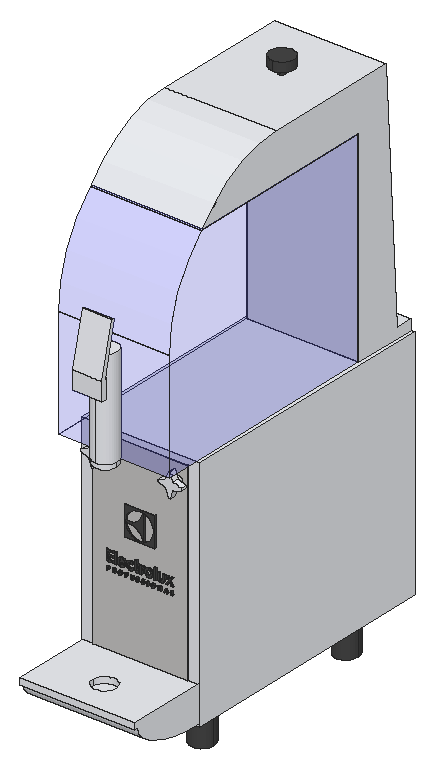
Revit family "QF_ELECTROLUXPROFESSIONAL_562535_IPRO1EUVR290", category Attrezzature speciali, Revit 2020
Family settings
  Quota connettore circolare = Usa diametro
  Tipo di parte = Normale
  Basato su piano di lavoro = No
  Sempre verticale = Sì
  Taglio con vuoti quando caricato = No
  Condiviso = No
  Punto di calcolo locali = No
Parameters (values of type "Standard")
  Weight = 39.00 kg
  Watts = 460 W
  Volts = 220 V
  URL Manufacturer = "https://www.electroluxprofessional.com/"
  URL = "https://www.electroluxprofessional.com/"
  Steam Supply Size = 0 mm
  Steam Supply Minimum Pressure = 0.0 Pa
  Steam Supply Maximum Pressure = 0.0 Pa
  Steam Consumption per Hour = 0
  Show Logo [instance] = yes
  Show Clearance [instance] = yes
  Refrigeration Suction Line Size = 0 mm
  Refrigeration Liquid Line Size = 0 mm
  Refrigerant Compressor Remote = yes
  Prospetto di default = 0 mm
  Produttore = "Electrolux Professional"
  Phase = 1
  Modello = "IPRO1EUVR290"
  Length Actual = 200 mm  # constant formula
  Item Number = "562535"
  Hot Water Size = 0 mm
  Height Actual = 870 mm  # constant formula
  HP = "0.6 HP"
  Gas Size = 0 mm
  Gas KW = 0
  Gas Input Pressure = 0 W
  Direct Waste Size = 0 mm
  Descrizione = "1X11 LT BOWL - FROZEN GRANITA DISPENSER - ELECTRONIC CONTROL - 1 INSULATED BOWL - UV LIGHT, R290"
  Depth Actual = 580 mm  # constant formula
  Cycle = 50 Hz
  Condensate Return Size = 0 mm
  Compressed Air Volume = 0.0 L/s
  Compressed Air Size = 0 mm
  Compressed Air Pressure = 0.0 Pa
  Cold Water Size = 0 mm
  Accessory = yes
Reference planes
  plane 1: z = 0
  plane 2 "LEFT": x = -300
  plane 3 "BACK": y = 282.5
  plane 4: z = 876
  plane 5: z = 449
  plane 6: z = 113
  plane 7: z = 903
  plane 8: x = -100.125
  plane 9: y = -305.294
Forms (mm)
  Extrusion 1, solid, material "QF_Finishes_White"
    sketch origin (0, 0, 0) x (1, 0, 0) y (0, 1, 0)
      loop
        line (-300, 282.5) -> (-300, -171.294) -> (-100.125, -171.294) -> (-100.125, 282.5) -> (-300, 282.5)
    from 50 to 449
  Extrusion 2, solid, material "QF_Finishes_Stainless Steel"
    sketch origin (15.789, -8.294, 3) x (1, 0, 0) y (0, 1, 0)
      loop
        line (-135.914, -163) -> (-295.914, -163) -> (-295.914, -163.8) -> (-135.914, -163.8) -> (-135.914, -163)
    from 110 to 436
  Extrusion 3, solid, material "QF_Finishes_Stainless Steel"
    sketch origin (-546.596, -222.273, 48) x (0, -1, 0) y (1, 0, 0)
      loop
        line (-163.023, 407.596) -> (-163.023, 427.596) -> (-183.023, 427.596) -> (-183.023, 407.596) -> (-163.023, 407.596)
    from 0 to 2
Dimensions and locks
  plane 4 to level = 876 mm
  level to plane 7 = 903 mm
  plane 6 to level = 113 mm
  plane 5 to plane 6 = 336 mm
  plane 3 "BACK" to nested 12 = 569.125 mm
  Extrusion 1 to nested 5 = 587.794 mm
  plane 2 "LEFT" to plane 8 = 199.875 mm
  plane 9 to plane 3 "BACK" = 587.794 mm
  aligned and locked: level to plane 1
Nested families
  nested 1: "MANOPOLA BEVERAGE" at (-265, -172.094, 413) x (0, 0, 1) z (0, -1, 0), type "MANOPOLA BEVERAGE"
  nested 2: "MANOPOLA BEVERAGE" at (-135.125, -172.094, 413) x (0, 0, 1) z (0, -1, 0), type "MANOPOLA BEVERAGE"
  nested 3: "MANOPOLA APERTURA BEVERAGE " at (-198.5, 124.79, 876) x (0, 1, 0) z (0, 0, 1), type "MANOPOLA APERTURA BEVERAGE "
  nested 4: "PORTAGRANITE BEVERAGE-taller" at (-200, 28.972, 449), type "PORTAGRANITE BEVERAGE-taller"
  nested 5: "VASCHETTA BEVERAGE" at (-200.063, -171.294, 83) x (1, 0, 0) z (0, -1, 0), type "VASCHETTA BEVERAGE"
  nested 6: "ELXP_LOGO_ONLY_MEDIUM" at (-200.125, -172.094, 319) x (1, 0, 0) z (0, -1, 0), Show Logo <- "Show Logo", visible <- "Show Logo", type "ELXP_LOGO_ONLY_MEDIUM"
    with Show Logo yes
  nested 7: "ELX_LOGO_WORDS_MEDIUM" at (-200, -172.094, 249.611) x (1, 0, 0) z (0, -1, 0), visible <- "Show Logo", Show Logo <- "Show Logo", type "ELX_LOGO_WORDS_MEDIUM"
    with Show Logo yes
  nested 8: "Piedino 50x40 BEVERAGE" at (-271, 174.5, 0), type "Piedino 50x40 BEVERAGE"
    with H 150 mm
  nested 9: "Piedino 50x40 BEVERAGE" at (-271, -130.5, 0), type "Piedino 50x40 BEVERAGE"
    with H 150 mm
  nested 10: "Piedino 50x40 BEVERAGE" at (-129, 174.5, 0), type "Piedino 50x40 BEVERAGE"
    with H 150 mm
  nested 11: "Piedino 50x40 BEVERAGE" at (-129, -130.5, 0), type "Piedino 50x40 BEVERAGE"
    with H 150 mm
  nested 12: "BOCCHETTONE BEVERAGE_large" at (-198.625, -228.664, 567) x (1, 0, 0) z (0, -1, 0), type "BOCCHETTONE BEVERAGE_large"
Connectors
  electrical at (-129, -49.25, 48), driven by "Volts"
    settings: on Extrusion 3, index 73, voltage 220 V, apparent load 0 VA, apparent load phase1 0 VA, apparent load phase2 0 VA, apparent load phase3 0 VA, power factor 1, load classification "Altro", number of poles 1, system type 30, power factor state 1, is connector primary yes, connector utility no, sub classification motor no, connector description "Electrical Connection"
Definition of nested family "MANOPOLA BEVERAGE"
  Parameters (values of type "MANOPOLA BEVERAGE")
    Default Elevation = 1219.2 mm
  Reference planes
    plane 1 "Centro (Fronte/Retro)": y = 0
    plane 2: z = 0
    plane 3 "Centro (Sinistra/Destra)": x = 0
    plane 4: z = 20
  Forms (mm)
    Extrusion 1, solid
      sketch origin (0, 0, 0) x (1, 0, 0) y (0, 1, 0)
        loop
          line (-1219.2, 1219.2) -> (-1219.2, -1219.2) -> (1219.2, -1219.2) -> (1219.2, 1219.2) -> (-1219.2, 1219.2)
      from 0 to -304.8
    Extrusion 2, solid
      sketch origin (0, 0, 10) x (1, 0, 0) y (0, 1, 0)
        loop
          line (-20, -1.333) -> (-6.314, -6.314) -> (-1.333, -20) -> (1.333, -20) -> (6.314, -6.314) -> (20, -1.333) -> (20, 1.333) -> (6.314, 6.314) -> (1.333, 20) -> (-1.333, 20) -> (-6.314, 6.314) -> (-20, 1.333) -> (-20, -1.333)
      from 0 to 10
    Extrusion 3, solid
      sketch origin (0, 0, 0) x (1, 0, 0) y (0, 1, 0)
        loop
          circle (0, 0) r 5
      from 0 to 10
  Dimensions and locks
    aligned and locked: plane 2 to Extrusion 1
    aligned and locked: level to Extrusion 1
Definition of nested family "MANOPOLA APERTURA BEVERAGE "
  Parameters (values of type "MANOPOLA APERTURA BEVERAGE ")
    Default Elevation = 1219.2 mm
  Reference planes
    plane 1 "Centro (Fronte/Retro)": y = 0
    plane 2: z = 0
    plane 3 "Centro (Sinistra/Destra)": x = 0
    plane 4: z = 27
  Forms (mm)
    Extrusion 1, solid
      sketch origin (0, 0, 0) x (1, 0, 0) y (0, 1, 0)
        loop
          line (-1219.2, 1219.2) -> (-1219.2, -1219.2) -> (1219.2, -1219.2) -> (1219.2, 1219.2) -> (-1219.2, 1219.2)
      from 0 to -304.8
    Extrusion 2, solid
      sketch origin (0, 0, 0) x (1, 0, 0) y (0, 1, 0)
        loop
          circle (0, 0) r 5
      from 0 to 12
    Extrusion 3, solid
      sketch origin (0, 0, 12) x (1, 0, 0) y (0, 1, 0)
        loop
          circle (0, 0) r 20
      from 0 to 15
  Dimensions and locks
    Extrusion 1 to plane 4 = 27 mm
    aligned and locked: plane 2 to Extrusion 1
    aligned and locked: level to Extrusion 1
Definition of nested family "PORTAGRANITE BEVERAGE-taller"
  Parameters (values of type "PORTAGRANITE BEVERAGE-taller")
    Default Elevation = 1219.2 mm
  Reference planes
    plane 1 "Centro (Fronte/Retro)": y = 0
    plane 2: z = 0
    plane 3 "Centro (Sinistra/Destra)": x = 0
    plane 4: y = -36.472
    plane 5: z = 340
    plane 6: x = -94
    plane 7: x = 94
    plane 8: y = 253.528
    plane 9: y = -257.636
  Forms (mm)
    Extrusion 1, solid
      sketch origin (0, 0, 0) x (1, 0, 0) y (0, 1, 0)
        loop
          line (-1219.2, 1219.2) -> (-1219.2, -1219.2) -> (1219.2, -1219.2) -> (1219.2, 1219.2) -> (-1219.2, 1219.2)
      from 0 to -304.8
    Extrusion 2, solid
      sketch origin (-94, -28.972, -376) x (0, 1, 0) y (0, 0, 1)
        loop
          line (172.5, 723) -> (172.5, 376) -> (282.5, 376) -> (282.5, 393) -> (251.241, 393) -> (229.754, 803) -> (-2.5, 803)
          arc (-2.5, 803) -> (-89.678, 781.819) -> (-157.419, 723) r 190
          line (-157.419, 723) -> (172.5, 723)
      from 0 to 188
    Extrusion 3, solid
      sketch origin (-101.5, -28.972, -378) x (0, 1, 0) y (0, 0, 1)
        loop
          line (170.5, 378) -> (170.5, 723) -> (-159.213, 723)
          arc (-159.213, 723) -> (-210.545, 650.651) -> (-228.664, 563.812) r 217.164
          line (-228.664, 563.812) -> (-228.664, 378) -> (170.5, 378)
      from 7.5 to 195.5
  Dimensions and locks
    plane 6 to plane 7 = 188 mm
    plane 9 to plane 8 = 511.164 mm
    aligned and locked: plane 2 to Extrusion 1
    aligned and locked: level to Extrusion 1
Definition of nested family "VASCHETTA BEVERAGE"
  Parameters (values of type "VASCHETTA BEVERAGE")
    Default Elevation = 1219.2 mm
  Reference planes
    plane 1 "Centro (Fronte/Retro)": y = 0
    plane 2: z = 0
    plane 3 "Centro (Sinistra/Destra)": x = 0
  Forms (mm)
    Extrusion 1, solid
      sketch origin (0, 0, 0) x (1, 0, 0) y (0, 1, 0)
        loop
          line (-1219.2, 1219.2) -> (-1219.2, -1219.2) -> (1219.2, -1219.2) -> (1219.2, 1219.2) -> (-1219.2, 1219.2)
      from 0 to -304.8
    Extrusion 2, solid
      sketch origin (-97.5, -80, -167.5) x (0, 0, -1) y (0, 1, 0)
        loop
          line (-167.5, 110) -> (-301.5, 110) -> (-301.5, 100) -> (-296.403, 100)
          spline (-296.403, 100) -> (-294.717, 93.399) -> (-290.961, 86.937) -> (-285.195, 80.722) -> (-277.513, 74.853) -> (-268.041, 69.426) -> (-256.932, 64.529) -> (-244.367, 60.243) -> (-230.551, 56.637) -> (-215.709, 53.769) -> (-200.082, 51.686) -> (-183.925, 50.423) -> (-167.5, 50)
          line (-167.5, 50) -> (-167.5, 110)
      from 0 to 195
    Extrusion 3, void
      sketch origin (202.5, -80, -167.5) x (1, 0, 0) y (0, 0, -1)
        loop
          circle (-202.5, -244.664) r 20
      from 100 to 110
  Cuts and joins
    Extrusion 3 cuts Extrusion 2
  Dimensions and locks
    aligned and locked: plane 2 to Extrusion 1
    aligned and locked: level to Extrusion 1
Definition of nested family "ELXP_LOGO_ONLY_MEDIUM"
  Parameters (values of type "ELXP_LOGO_ONLY_MEDIUM")
    Show Logo [instance] = yes
    Default Elevation = 0 mm
  Reference planes
    plane 1 "Centro (Fronte/Retro)": y = 0
    plane 2: z = 0
    plane 3 "Centro (Sinistra/Destra)": x = 0
  Forms (mm)
    Extrusion 1, solid
      sketch origin (0, 0, 0) x (1, 0, 0) y (0, 1, 0)
        loop
          line (-1219.2, 1219.2) -> (-1219.2, -1219.2) -> (1219.2, -1219.2) -> (1219.2, 1219.2) -> (-1219.2, 1219.2)
      from 0 to -304.8
    Extrusion 2, solid, visible <- "Show Logo"
      sketch origin (15.862, -72.798, 0) x (1, 0, 0) y (0, 1, 0)
        loop
          line (-40.901, 47.952) -> (9.138, 47.952) -> (9.138, 97.923) -> (-40.901, 97.923) -> (-40.901, 47.952)
        loop
          line (-9.2, 95.47) -> (-9.2, 50.507)
          arc (-9.2, 50.507) -> (7.421, 72.988) -> (-9.2, 95.47) r 23.515
        loop
          line (-11.486, 92.214) -> (-11.486, 95.47)
          arc (-11.486, 95.47) -> (-30.185, 91.22) -> (-39.194, 74.292) r 23.044
          line (-39.194, 74.292) -> (-31.756, 74.292)
          arc (-31.756, 74.292) -> (-18.467, 79.686) -> (-11.486, 92.214) r 21.599
        loop
          arc (-39.194, 71.685) -> (-30.2, 54.618) -> (-11.486, 49.93) r 23.647
          line (-11.486, 49.93) -> (-11.486, 53.763)
          arc (-11.486, 53.763) -> (-18.467, 66.291) -> (-31.756, 71.685) r 21.599
          line (-31.756, 71.685) -> (-39.194, 71.685)
      from 0 to 1.644
  Dimensions and locks
    aligned and locked: plane 2 to Extrusion 1
    aligned and locked: level to Extrusion 1
Definition of nested family "ELX_LOGO_WORDS_MEDIUM"
  Parameters (values of type "ELX_LOGO_WORDS_MEDIUM")
    Show Logo [instance] = yes
    Default Elevation = 0 mm
  Reference planes
    plane 1 "Centro (Fronte/Retro)": y = 0
    plane 2: z = 0
    plane 3 "Centro (Sinistra/Destra)": x = 0
  Forms (mm)
    Extrusion 1, solid
      sketch origin (0, 0, 0) x (1, 0, 0) y (0, 1, 0)
        loop
          line (-1219.2, 1219.2) -> (-1219.2, -1219.2) -> (1219.2, -1219.2) -> (1219.2, 1219.2) -> (-1219.2, 1219.2)
      from 0 to -304.8
    Extrusion 2, solid, visible <- "Show Logo"
      sketch origin (0, 0, 0) x (1, 0, 0) y (0, 1, 0)
        loop
          line (-45.351, 15.842) -> (-56.505, 15.842) -> (-56.505, 2.853)
          arc (-56.505, 2.853) -> (-55.037, -0.691) -> (-51.493, -2.159) r 5.012
          line (-51.493, -2.159) -> (-45.135, -2.159) -> (-45.135, 0.755) -> (-50.767, 0.755)
          arc (-50.767, 0.755) -> (-52.618, 1.38) -> (-53.406, 3.168) r 2.423
          line (-53.406, 3.168) -> (-53.406, 5.743) -> (-45.833, 5.743) -> (-45.833, 8.668) -> (-53.406, 8.668) -> (-53.406, 12.925) -> (-45.351, 12.925) -> (-45.351, 15.842)
        loop
          line (-42.933, 15.842) -> (-42.933, -2.159) -> (-39.832, -2.159) -> (-39.832, 15.842) -> (-42.933, 15.842)
        loop
          line (24.405, 15.842) -> (24.405, -2.159) -> (27.508, -2.159) -> (27.508, 15.842) -> (24.405, 15.842)
        loop
          line (-34.705, 3.589) -> (-24.531, 3.589)
          arc (-24.531, 3.589) -> (-26.123, 9.178) -> (-31.565, 11.217) r 6.447
          arc (-31.565, 11.217) -> (-36.358, 8.786) -> (-37.726, 3.589) r 6.56
          arc (-37.726, 3.589) -> (-35.926, -0.757) -> (-31.58, -2.557) r 6.146
          arc (-31.58, -2.557) -> (-28.198, -2.058) -> (-25.362, -0.149) r 7.726
          line (-25.362, -0.149) -> (-27.199, 1.688)
          arc (-27.199, 1.688) -> (-29.61, 0.242) -> (-32.411, 0.485) r 4.558
          arc (-32.411, 0.485) -> (-34.119, 1.622) -> (-34.705, 3.589) r 3.019
        loop
          line (-34.628, 5.769) -> (-27.646, 5.769)
          arc (-27.646, 5.769) -> (-28.626, 7.83) -> (-30.779, 8.59) r 2.974
          arc (-30.779, 8.59) -> (-33.263, 7.943) -> (-34.628, 5.769) r 3.481
        loop
          line (-12.445, 7.067) -> (-10.499, 9.013)
          arc (-10.499, 9.013) -> (-12.94, 10.78) -> (-15.907, 11.309) r 6.746
          arc (-15.907, 11.309) -> (-20.432, 9.655) -> (-22.806, 5.463) r 6.977
          arc (-22.806, 5.463) -> (-18.803, -1.885) -> (-10.608, -0.191) r 7.026
          line (-10.608, -0.191) -> (-12.544, 1.745)
          arc (-12.544, 1.745) -> (-16.723, 0.362) -> (-19.717, 3.589) r 4.071
          arc (-19.717, 3.589) -> (-19.509, 6.14) -> (-17.752, 8.002) r 3.867
          arc (-17.752, 8.002) -> (-14.941, 8.431) -> (-12.445, 7.067) r 4.442
        loop
          line (-8.594, 15.842) -> (-8.594, 3.541)
          arc (-8.594, 3.541) -> (-8.326, 1.695) -> (-7.635, -0.038) r 7.951
          arc (-7.635, -0.038) -> (-5.422, -1.797) -> (-2.62, -2.167) r 5.297
          line (-2.62, -2.167) -> (-2.62, 0.738)
          arc (-2.62, 0.738) -> (-3.453, 0.802) -> (-4.23, 1.109) r 2.792
          arc (-4.23, 1.109) -> (-5.227, 2.163) -> (-5.494, 3.589) r 2.57
          line (-5.494, 3.589) -> (-5.494, 8.043) -> (-2.678, 8.043) -> (-2.678, 10.86) -> (-5.494, 10.86) -> (-5.494, 15.842) -> (-8.594, 15.842)
        loop
          arc (3.006, 4.684) -> (3.228, 5.982) -> (3.868, 7.133) r 3.911
          arc (3.868, 7.133) -> (5.725, 8.086) -> (7.812, 8.043) r 4.26
          line (7.812, 8.043) -> (7.812, 11.023)
          arc (7.812, 11.023) -> (5.085, 10.766) -> (3.006, 8.983) r 4.524
          line (3.006, 8.983) -> (3.006, 10.86) -> (-0.069, 10.86) -> (-0.069, -2.159) -> (3.006, -2.159) -> (3.006, 4.684)
        loop
          circle (15.393, 4.348) r 6.899
        loop
          circle (15.393, 4.348) r 4.181
        loop
          arc (38.69, 3.262) -> (37.924, 1.158) -> (35.848, 0.319) r 2.752
          arc (35.848, 0.319) -> (33.771, 1.158) -> (33.005, 3.262) r 2.752
          line (33.005, 3.262) -> (33.005, 10.859) -> (29.879, 10.859) -> (29.879, 3.004)
          arc (29.879, 3.004) -> (31.658, -1.052) -> (35.848, -2.489) r 5.512
          arc (35.848, -2.489) -> (40.084, -1.008) -> (41.815, 3.132) r 5.512
          line (41.815, 3.132) -> (41.815, 10.859) -> (38.69, 10.859) -> (38.69, 3.262)
        loop
          line (43.689, 10.859) -> (48.192, 4.746) -> (43.245, -2.164) -> (46.578, -2.164) -> (49.861, 2.422) -> (53.193, -2.164) -> (56.505, -2.164) -> (51.629, 4.817) -> (56.087, 10.859) -> (52.703, 10.859) -> (49.851, 6.995) -> (47.043, 10.859) -> (43.689, 10.859)
        loop
          line (-53.813, -9.621) -> (-56.285, -9.621) -> (-56.285, -15.847) -> (-54.932, -15.847) -> (-54.932, -13.703) -> (-53.437, -13.703)
          arc (-53.437, -13.703) -> (-51.764, -11.49) -> (-53.813, -9.621) r 2.058
        loop
          arc (-53.496, -12.48) -> (-52.984, -11.679) -> (-53.496, -10.879) r 0.881
          line (-53.496, -10.879) -> (-54.932, -10.879) -> (-54.932, -12.48) -> (-53.496, -12.48)
        loop
          line (-44.045, -9.621) -> (-46.56, -9.621) -> (-46.56, -15.847) -> (-45.207, -15.847) -> (-45.207, -13.703) -> (-43.898, -13.703) -> (-43.003, -15.847) -> (-41.55, -15.847) -> (-42.774, -13.222)
          arc (-42.774, -13.222) -> (-42.188, -12.521) -> (-41.991, -11.628) r 1.922
          arc (-41.991, -11.628) -> (-42.609, -10.206) -> (-44.045, -9.621) r 2.055
        loop
          line (-45.207, -10.879) -> (-45.207, -12.48) -> (-43.771, -12.48)
          arc (-43.771, -12.48) -> (-43.258, -11.679) -> (-43.771, -10.879) r 0.881
          line (-43.771, -10.879) -> (-45.207, -10.879)
        loop
          circle (-33.602, -12.734) r 3.233
        loop
          circle (-33.602, -12.734) r 2.052
        loop
          line (-25.054, -9.622) -> (-25.054, -15.847) -> (-23.734, -15.847) -> (-23.734, -13.671) -> (-21.392, -13.671) -> (-21.392, -12.276) -> (-23.734, -12.276) -> (-23.734, -10.963) -> (-21.167, -10.963) -> (-21.167, -9.622) -> (-25.054, -9.622)
        loop
          line (-15.917, -9.622) -> (-15.917, -13.825)
          arc (-15.917, -13.825) -> (-15.343, -15.249) -> (-13.926, -15.842) r 1.991
          line (-13.926, -15.842) -> (-11.917, -15.842) -> (-11.917, -14.666) -> (-13.806, -14.666)
          arc (-13.806, -14.666) -> (-14.501, -14.091) -> (-14.638, -13.198) r 1.267
          line (-14.638, -13.198) -> (-12.15, -13.198) -> (-12.15, -12.023) -> (-14.638, -12.023) -> (-14.638, -10.797) -> (-11.977, -10.797) -> (-11.977, -9.622) -> (-15.917, -9.622)
        loop
          arc (6.626, -10.41) -> (5.801, -9.733) -> (4.757, -9.518) r 2.228
          arc (4.757, -9.518) -> (3.792, -9.755) -> (2.999, -10.352) r 2.468
          arc (2.999, -10.352) -> (2.853, -11.766) -> (3.765, -12.856) r 1.825
          arc (3.765, -12.856) -> (4.531, -13.112) -> (5.259, -13.464) r 6.301
          arc (5.259, -13.464) -> (5.719, -14.005) -> (5.402, -14.641) r 0.645
          arc (5.402, -14.641) -> (4.814, -14.78) -> (4.228, -14.631) r 1.269
          arc (4.228, -14.631) -> (3.722, -14.266) -> (3.412, -13.725) r 1.474
          line (3.412, -13.725) -> (2.324, -14.233)
          arc (2.324, -14.233) -> (2.716, -14.99) -> (3.348, -15.561) r 2.393
          arc (3.348, -15.561) -> (4.065, -15.867) -> (4.841, -15.945) r 2.579
          arc (4.841, -15.945) -> (5.8, -15.754) -> (6.664, -15.295) r 3.369
          arc (6.664, -15.295) -> (7.045, -14.28) -> (6.848, -13.214) r 2.023
          arc (6.848, -13.214) -> (6.423, -12.723) -> (5.879, -12.368) r 2.346
          arc (5.879, -12.368) -> (5.19, -12.061) -> (4.485, -11.796) r 12.353
          arc (4.485, -11.796) -> (4.077, -11.162) -> (4.666, -10.692) r 0.562
          arc (4.666, -10.692) -> (5.372, -10.862) -> (5.915, -11.344) r 1.497
          line (5.915, -11.344) -> (6.626, -10.41)
        loop
          line (12.337, -9.622) -> (12.337, -15.842) -> (13.616, -15.842) -> (13.616, -9.622) -> (12.337, -9.622)
        loop
          circle (22.24, -12.732) r 1.935
        loop
          circle (22.24, -12.732) r 3.231
        loop
          line (30.821, -15.842) -> (32.114, -15.842) -> (32.114, -11.931) -> (34.96, -15.842) -> (36.203, -15.842) -> (36.203, -9.622) -> (34.911, -9.622) -> (34.911, -13.651) -> (32.065, -9.622) -> (30.821, -9.622) -> (30.821, -15.842)
        loop
          line (42.652, -15.842) -> (43.258, -14.5) -> (45.559, -14.5) -> (46.165, -15.842) -> (47.54, -15.842) -> (44.912, -9.622) -> (43.712, -9.622) -> (41.279, -15.842) -> (42.652, -15.842)
        loop
          line (44.985, -13.224) -> (44.369, -11.857) -> (43.77, -13.224) -> (44.985, -13.224)
        loop
          line (53.893, -14.666) -> (53.893, -9.622) -> (52.614, -9.622) -> (52.614, -15.842) -> (56.285, -15.842) -> (56.285, -14.666) -> (53.893, -14.666)
        loop
          arc (-2.701, -10.41) -> (-3.525, -9.733) -> (-4.57, -9.518) r 2.228
          arc (-4.57, -9.518) -> (-5.534, -9.755) -> (-6.327, -10.352) r 2.468
          arc (-6.327, -10.352) -> (-6.473, -11.766) -> (-5.562, -12.856) r 1.825
          arc (-5.562, -12.856) -> (-4.795, -13.112) -> (-4.067, -13.464) r 6.301
          arc (-4.067, -13.464) -> (-3.608, -14.005) -> (-3.924, -14.641) r 0.645
          arc (-3.924, -14.641) -> (-4.512, -14.78) -> (-5.098, -14.631) r 1.269
          arc (-5.098, -14.631) -> (-5.604, -14.266) -> (-5.914, -13.725) r 1.474
          line (-5.914, -13.725) -> (-7.002, -14.233)
          arc (-7.002, -14.233) -> (-6.61, -14.99) -> (-5.978, -15.561) r 2.393
          arc (-5.978, -15.561) -> (-5.261, -15.867) -> (-4.485, -15.945) r 2.579
          arc (-4.485, -15.945) -> (-3.526, -15.754) -> (-2.663, -15.295) r 3.369
          arc (-2.663, -15.295) -> (-2.281, -14.28) -> (-2.478, -13.214) r 2.023
          arc (-2.478, -13.214) -> (-2.903, -12.723) -> (-3.448, -12.368) r 2.346
          arc (-3.448, -12.368) -> (-4.136, -12.061) -> (-4.842, -11.796) r 12.353
          arc (-4.842, -11.796) -> (-5.249, -11.162) -> (-4.66, -10.692) r 0.562
          arc (-4.66, -10.692) -> (-3.954, -10.862) -> (-3.412, -11.344) r 1.497
          line (-3.412, -11.344) -> (-2.701, -10.41)
      from 0 to 1.644
  Dimensions and locks
    aligned and locked: plane 2 to Extrusion 1
    aligned and locked: level to Extrusion 1
Definition of nested family "Piedino 50x40 BEVERAGE"
  Parameters (values of type "Piedino 50x40 BEVERAGE")
    Default Elevation = 0 mm
    H [instance] = 150 mm
  Reference planes
    plane 1 "Centro (Fronte/Retro)": y = 0
    plane 2: z = 0
    plane 3 "Centro (Sinistra/Destra)": x = 0
  Forms (mm)
    Revolve 1, solid
      sketch origin (55, 0, 0) x (-1, 0, 0) y (0, 0, -1)
        loop
          line (55, 0) -> (35, 0) -> (35, -50) -> (55, -50) -> (55, 0)
        axis (55, 0) -> (55, -50)
      angle from 0 to 360
  Dimensions and locks
    aligned and locked: level to plane 2
Definition of nested family "BOCCHETTONE BEVERAGE_large"
  Parameters (values of type "BOCCHETTONE BEVERAGE_large")
    Default Elevation = 1219.2 mm
  Reference planes
    plane 1 "Centro (Fronte/Retro)": y = 0
    plane 2: z = 0
    plane 3 "Centro (Sinistra/Destra)": x = 0
  Forms (mm)
    Extrusion 1, solid
      sketch origin (0, 0, 0) x (1, 0, 0) y (0, 1, 0)
        loop
          line (-1219.2, 1219.2) -> (-1219.2, -1219.2) -> (1219.2, -1219.2) -> (1219.2, 1219.2) -> (-1219.2, 1219.2)
      from 0 to -304.8
    Extrusion 2, solid
      sketch origin (0, -43, 20) x (0, 0, 1) y (1, 0, 0)
        loop
          circle (0, 0) r 20
      from -66.056 to 100
    Extrusion 3, void
      sketch origin (0, -118, 35.961) x (1, 0, 0) y (0, 0, -1)
        loop
          line (-27.179, -16.141) -> (-21.226, -10.188) -> (-6.226, -10.188) -> (-6.226, 12.684) -> (-27.179, 12.684) -> (-27.179, -16.141)
        loop
          line (27.179, -16.141) -> (27.179, 12.684) -> (6.226, 12.684) -> (6.226, -10.188) -> (21.226, -10.188) -> (27.179, -16.141)
      from 104.337 to 159.894
    Extrusion 4, solid
      sketch origin (25, -88.779, 20) x (0, 0, 1) y (0, 1, 0)
        loop
          line (11.922, 118.779) -> (11.922, 88.779) -> (37.961, 88.779) -> (37.961, 119.393) -> (16.929, 203.749) -> (12.077, 202.539) -> (32.961, 118.779) -> (11.922, 118.779)
      from 0 to 50
    Extrusion 5, solid
      sketch origin (0, -118, 35.961) x (1, 0, 0) y (0, 0, -1)
        loop
          circle (0, 15.97) r 19
      from 0 to 8.944
  Cuts and joins
    Extrusion 3 cuts Extrusion 4
    joined: Extrusion 2, Extrusion 4
  Dimensions and locks
    aligned and locked: plane 2 to Extrusion 1
    aligned and locked: level to Extrusion 1
